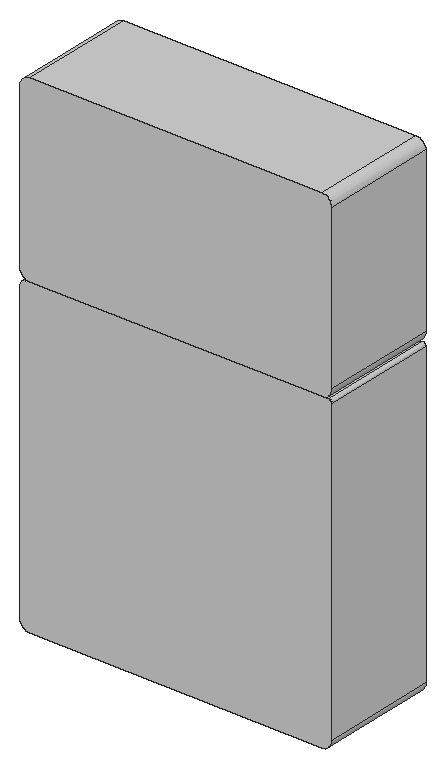
Revit family "Building-IEC309Boards-GEWISS-68QDIN-DISTRIBUTION-BOARD-14MOD_3SOCKET-OUTLETS_IB_VERT", category Attrezzatura elettrica, host Muro, Revit 2016
Family settings
  Host = Muro
  Configurazione quadro = Due colonne, circuiti in orizzontale
  Tipo di parte = Pannello comandi
  Quota connettore circolare = Usa diametro
  Numero OmniClass = 23.80.30.11.17
  Titolo OmniClass = Distribution Boards and Control Panels
  Sempre verticale = Sì
  Taglio con vuoti quando caricato = No
  Condiviso = No
  Punto di calcolo locali = No
Parameters (values of type "GW68010N - Q-DIN 14M 3 FLANGES S.O.BL.VR.SBF IP65")
  potenza = 400 V
  Working temperature = "-25 ÷ +40 °C"
  Voltaggio = "400V"
  Vista di pianta [instance] = yes
  Vetro = GEWISS - vetro
  Version type = "Empty"
  Version file RFA = "18.0"
  URL = "https://www.gewiss.com/ww/en"
  Thermo-pressure with ball = "70 °C"
  Technical sheet = "https://www.gewiss.com/ww/en/search?q=GW68010N"
  Struttura = GEWISS - Grigio RAL - 7035
  Simbolo Acceso [instance] = yes
  Shock resistance = "IK08"
  SEO = "Board"
  Realized by GEWISS S.p.A. = ""
  Produttore = "GEWISS S.p.A."
  Presa = GEWISS - Grigio RAL - 7035
  Operating temperature: = "-25 +40 °C"
  Offset etichetta nome quadro [instance] = 125 mm
  Numero di poli = 3
  Panel Name [instance] = "NOME"
  No. of provided blank lids = "1 IB 16/32A"
  No. of modules EN 50022 = "14"
  No. of blank lids supplied = "1 IB 16/32A"
  No. IB socket-outlets houseable = "3 IB Vert. 16/32A IP67"
  Modello = "GW68010N"
  Lunghezza = 320 mm
  Insulation class = "II"
  Installation type = "Surface-mounting"
  Immagine tipo = GW68010N.jpg
  IP degree = "IP65"
  IFC.TypeObject = ""
  IFC.ExportType = ""
  IFC.ExportAs = ""
  IDT = "b7fa234f-6082-4e77-ab12-b88f512de078"
  IDF = "a79db918-e74e-4eae-8f25-ec0c9aa4b606"
  Houseable socket = "3 IB Vert. 16/32A IP67"
  Houseable interloc. socket. = "3 IB Vert. 16/32A IP67"
  H_da terra = 1200 mm
  Glow Wire Test = "650°C"
  Electrocod = "2242"
  ETICHETTA NOME QUADRO [instance] = yes
  EAN code = "8011564744813"
  Distanza orizzontale del simbolo [instance] = 0 mm
  Distanza dal muro [instance] = 0 mm
  Dispersible power B (W) = "64"
  Dispersible power A (W) = "24"
  Descrizione = "Q-DIN 14M 3 FLANGES S.O.BL.VR.SBF IP65"
  Colour = "Grey RAL 7035"
  Classificazione carico = Altro
  Catalogue Range = "68 QDIN"
  Catalogue = "BUILDING"
  Carico apparente = 0 VA
  Cornice simbolo [instance] = no
  COBie.Tagnumber = ""
  COBie.CreatedOn = ""
  COBie.CreatebBy = ""
  COBie.ComponentRegisterItemID = ""
  COBie.Component.TagNumber = ""
  COBie.Component.Space = ""
  COBie.Component.SerialNumber = ""
  COBie.Component.InstallationDate = ""
  COBie.Component.Description = ""
  COBie.Component.BarCode = ""
  Altezza = 510 mm
  Accordance with Standards = "EN 60208 - EN 60670-1 - IEC 60670-24"
Reference planes
  plane 1 "Muro": y = 0
  plane 2 "Centro (Sinistra/Destra)": x = 125
  plane 3 "Indietro": y = 75
  plane 4: z = 1200
  plane 5: x = 125
  plane 6: y = 200
Lines and regions (mm)
  Masking region 1, visible <- "Vista di pianta"
    outline origin (0, 0, 0) x (1, 0, 0) y (0, 1, 0)
      loop
        line (-35, 175) -> (-35, 75) -> (285, 75) -> (285, 175) -> (-35, 175)
  Masking region 2
    outline origin (125, 0, 0) x (0, 1, 0) y (0, 0, 1)
      loop
        line (175, 1523) -> (175, 1710) -> (75, 1710) -> (75, 1523) -> (175, 1523)
  Masking region 3
    outline origin (125, 0, 0) x (0, 1, 0) y (0, 0, 1)
      loop
        line (75, 1200) -> (195, 1200) -> (195, 1523) -> (75, 1523) -> (75, 1200)
Text (mm)
  text "Lato posizionamento" at (-1848.837, 1116.779, 0), in view "Livello rif."
  text "Lato posizionamento" at (0, 1409.804, 2854.306), in view "Sinistra"
  text "Lato posizionamento" at (0, 499.811, 2980.732), in view "Destra"
Dimensions and locks
  locked: plane 3 "Indietro" to host wall
  "H_da terra": level to plane 4
  "Offset etichetta nome quadro": host wall to plane 6
  "Distanza orizzontale del simbolo": plane 5 to plane 2 "Centro (Sinistra/Destra)"
  aligned and locked: plane 1 "Muro" to host wall
  aligned and locked: nested 1 to plane 3 "Indietro"
  aligned and locked: plane 3 "Indietro" to nested 1
  aligned and locked: nested 2 to plane 6
  aligned and locked: plane 5 to nested 3
  aligned and locked: Masking region 2 sketch curve to host wall
  aligned and locked: Masking region 3 sketch curve to nested 1  (x3)
  aligned and locked: plane 4 to nested 4
  aligned and locked: plane 4 to nested 1
  aligned and locked: plane 2 "Centro (Sinistra/Destra)" to nested 4
  aligned and locked: Masking region 2 sketch curve to nested 1  (x2)
Automatic sketch dimensions
  Masking region 1 sketch curve to host wall = 0 mm
  Masking region 1 sketch curve to plane 2 "Centro (Sinistra/Destra)" = 160 mm
  plane 2 "Centro (Sinistra/Destra)" to Masking region 1 sketch curve = 160 mm
  host wall to Masking region 1 sketch curve = 100 mm
  host wall to Masking region 2 sketch curve = 100 mm
  Masking region 3 sketch curve to host wall = 0 mm
Nested families
  nested 1: "QDIN14 QUADRO X 3 PRESE IND_BASE" at (125, 75, 613.117) x (-1, 0, 0) z (0, 0, 1), type "QDIN14 QUADRO X 3 PRESE IND"
    with H2 220 mm, H1 173 mm, Altezza 510 mm
  nested 2: "NOME QUADRO" at (125, 200, 0), TXT <- "Panel Name", visible <- "ETICHETTA NOME QUADRO", type "NOME QUADRO"
    with TXT "NOME"
  nested 3: "CENTRALINO" at (125, 116.895, 0), BORDO ACCESO <- "Cornice simbolo", SIMBOLO ACCESO <- "Simbolo Acceso", Distanza dal muro <- "Distanza dal muro", type "CENTRALINO"
    with SIMBOLO ACCESO yes, Distanza dal muro 0 mm, BORDO ACCESO no
  nested 4: "2D - QDIN14 QUADRO DISTRIB X3 PRESE IND VERT" at (125, 0, 1200) x (-1, 0, 0) z (0, -1, 0), type "BIDIMENSIONALE"
Connectors
  electrical at (125, 135, 1200), driven by "Classificazione carico", driven by "potenza", driven by "Carico apparente", driven by "Numero di poli"
    settings: on nested 1, index 1, voltage 400 V, apparent load 0 VA, apparent load phase1 0 VA, apparent load phase2 0 VA, apparent load phase3 0 VA, power factor 1, load classification "Altro", number of poles 3, system type 31, power factor state 1, is connector primary yes, connector utility no, sub classification motor no, connector description ""
Definition of nested family "QDIN14 QUADRO X 3 PRESE IND_BASE"
  Parameters (values of type "QDIN14 QUADRO X 3 PRESE IND_BASE")
    Vetro = none
    Struttura = none
    Spessore = 120 mm
    Default Elevation = 14 mm
    Presa = none
    Lunghezza = 320 mm
    IFC.TypeObject = ""
    IFC.ExportType = ""
    IFC.ExportAs = ""
    H_da terra = 586.883 mm
    H1 [instance] = 173 mm
    H2 [instance] = 94.981 mm
    COBie.CreatedOn = ""
    COBie.CreatebBy = ""
    COBie.ComponentRegisterItemID = ""
    COBie.Component.TagNumber = ""
    COBie.Component.Space = ""
    COBie.Component.SerialNumber = ""
    COBie.Component.InstallationDate = ""
    COBie.Component.Description = ""
    COBie.Component.BarCode = ""
    Altezza [instance] = 360 mm
  Types (3, lengths in mm): name | H_da terra
    QDIN14 QUADRO X 3 PRESE IND_BASE | 586.883
    QDIN10 QUADRO 2 PRESE  VERT | 500
    QDIN14 QUADRO X 3 PRESE IND | 586.883
  Reference planes
    plane 1 "Centro (Fronte/Retro)": y = 0
    plane 2: z = 0
    plane 3 "Centro (Sinistra/Destra)": x = 0
    plane 4 "s": y = -100
    plane 5: z = 586.883
    plane 6: z = 946.883
    plane 7: x = -160
    plane 8: x = 160
    plane 9: z = 759.883
    plane 10: y = -80.196
    plane 11: x = -157.597
    plane 12: x = 157.589
    plane 13: z = 789.383
    plane 14: z = 908.347
    plane 15: y = -46.089
    plane 16: y = -87.126
    plane 17: z = 728.606
    plane 18: z = 633.624
    plane 19: x = -143
    plane 20: x = -63
    plane 21: x = -41
    plane 22: x = 44
    plane 23: x = 143
    plane 24: x = 63
  Forms (mm)
    Extrusion 1, solid, material <- "Struttura"
      sketch origin (0, 0, 0) x (1, 0, 0) y (0, 0, 1)
        loop
          arc (-150, 946.883) -> (-157.071, 943.954) -> (-160, 936.883) r 10
          line (-160, 936.883) -> (-160, 769.883)
          arc (-160, 769.883) -> (-157.071, 762.812) -> (-150, 759.883) r 10
          line (-150, 759.883) -> (150, 759.883)
          arc (150, 759.883) -> (157.071, 762.812) -> (160, 769.883) r 10
          line (160, 769.883) -> (160, 936.883)
          arc (160, 936.883) -> (157.071, 943.954) -> (150, 946.883) r 10
          line (150, 946.883) -> (-150, 946.883)
      from 0 to 120
    Extrusion 2, solid, material <- "Struttura"
      sketch origin (0, 0, 0) x (1, 0, 0) y (0, 0, 1)
        loop
          line (152.45, 759.883) -> (-156.38, 759.883)
          arc (-156.38, 759.883) -> (-158.94, 758.823) -> (-160, 756.263) r 3.62
          line (-160, 756.263) -> (-160, 596.883)
          arc (-160, 596.883) -> (-157.071, 589.812) -> (-150, 586.883) r 10
          line (-150, 586.883) -> (150, 586.883)
          arc (150, 586.883) -> (157.071, 589.812) -> (160, 596.883) r 10
          line (160, 596.883) -> (160, 752.333)
          arc (160, 752.333) -> (157.789, 757.672) -> (152.45, 759.883) r 7.55
      from 0 to 120
    Extrusion 3, void
      sketch origin (0, 0, 0) x (1, 0, 0) y (0, 0, 1)
        loop
          line (-157.597, 908.347) -> (-157.597, 789.383) -> (157.589, 789.383) -> (157.589, 908.347) -> (-157.597, 908.347)
      from 46.089 to 120
    Extrusion 4, solid, material <- "Vetro", detail levels fine
      sketch origin (0, 0, 0) x (1, 0, 0) y (0, 0, 1)
        loop
          line (-157.597, 908.347) -> (-157.597, 789.383) -> (157.589, 789.383) -> (157.589, 908.347) -> (-157.597, 908.347)
      from 87.126 to 120.5
    Extrusion 5, solid, material <- "Struttura", detail levels fine
      sketch origin (0, 0, 0) x (1, 0, 0) y (0, 0, 1)
        loop
          line (-143, 633.624) -> (-63, 633.624) -> (-63, 728.606) -> (-143, 728.606) -> (-143, 633.624)
        loop
          line (-41, 633.624) -> (44, 633.624) -> (44, 728.606) -> (-41, 728.606) -> (-41, 633.624)
        loop
          line (143, 728.606) -> (63, 728.606) -> (63, 633.624) -> (143, 633.624) -> (143, 728.606)
      from 119 to 122
  Cuts and joins
    Extrusion 3 cuts Extrusion 1
  Dimensions and locks
    plane 4 "s" to plane 1 "Centro (Fronte/Retro)" = 100 mm  (x2)
    "H_da terra": plane 5 to level
    equal spacing: plane 7, plane 3 "Centro (Sinistra/Destra)", plane 8
    "Lunghezza": plane 7 to plane 8
    locked: plane 4 "s" to plane 10 at 19.804
    locked: plane 6 to plane 14 at 38.537
    locked: plane 13 to plane 9 at 29.5
    locked: plane 7 to plane 11 at 2.403
    locked: plane 12 to plane 8 at 2.411
    locked: plane 4 "s" to plane 15 at 53.911
    locked: plane 4 "s" to plane 16 at 12.874
    "Altezza": plane 6 to plane 5
    locked: plane 14 to plane 13 at 118.963
    locked: plane 19 to plane 7 at 17
    locked: plane 23 to plane 8 at 17
    plane 20 to plane 19 = 80 mm
    plane 22 to plane 21 = 85 mm
    plane 23 to plane 24 = 80 mm
    plane 21 to plane 20 = 22 mm
    "H2": plane 17 to plane 18
    locked: plane 18 to plane 5 at 46.741
    aligned and locked: level to plane 2
    aligned and locked: Extrusion 1 sketch curve to plane 6
    aligned and locked: Extrusion 1 sketch curve to plane 8
    aligned and locked: Extrusion 1 sketch curve to plane 7
    aligned and locked: plane 9 to Extrusion 1 sketch curve
    aligned and locked: Extrusion 2 sketch curve to plane 9
    aligned and locked: Extrusion 2 sketch curve to plane 8
    aligned and locked: Extrusion 2 sketch curve to plane 7
    aligned and locked: Extrusion 2 sketch curve to plane 5
    aligned and locked: Extrusion 3 sketch curve to plane 14
    aligned and locked: Extrusion 3 sketch curve to plane 12
    aligned and locked: Extrusion 3 sketch curve to plane 11
    aligned and locked: Extrusion 3 sketch curve to plane 13
    aligned and locked: plane 15 to cut or joined group of Extrusion 1, Extrusion 3
    aligned and locked: Extrusion 4 sketch curve to plane 14
    aligned and locked: Extrusion 4 sketch curve to plane 12
    aligned and locked: Extrusion 4 sketch curve to plane 13
    aligned and locked: Extrusion 4 sketch curve to plane 11
    aligned and locked: plane 16 to Extrusion 4
    aligned and locked: plane 18 to Extrusion 5 sketch curve  (x2)
    aligned and locked: Extrusion 5 sketch curve to plane 19
    aligned and locked: Extrusion 5 sketch curve to plane 17  (x3)
    aligned and locked: plane 20 to Extrusion 5 sketch curve
    aligned and locked: Extrusion 5 sketch curve to plane 21
    aligned and locked: plane 22 to Extrusion 5 sketch curve
    aligned and locked: plane 23 to Extrusion 5 sketch curve
    aligned and locked: Extrusion 5 sketch curve to plane 24
  Automatic sketch dimensions
    Extrusion 1 sketch curve to Extrusion 1 sketch curve = 10 mm  (x2)
    Extrusion 1 sketch curve to plane 7 = 10 mm
    plane 8 to Extrusion 1 sketch curve = 10 mm
    Extrusion 2 sketch curve to Extrusion 2 sketch curve = 3.62 mm
    Extrusion 2 sketch curve to plane 7 = 10 mm
    Extrusion 2 sketch curve to Extrusion 2 sketch curve = 10 mm
    plane 8 to Extrusion 2 sketch curve = 7.55 mm
    Extrusion 5 sketch curve to plane 18 = 0 mm
Definition of nested family "NOME QUADRO"
  Parameters (values of type "NOME QUADRO")
    TXT [instance] = ""
  Reference planes
    plane 1: y = 0
    plane 2: x = 0
  Text (mm)
    label "NOME QUADRO" at (0.217, 0.029, 0), shows "TXT"
Definition of nested family "CENTRALINO"
  Parameters (values of type "CENTRALINO")
    SIMBOLO ACCESO [instance] = yes
    Distanza dal muro [instance] = 0 mm
    BORDO ACCESO [instance] = yes
  Reference planes
    plane 1: y = 0
    plane 2: x = 0
  Dimensions and locks
    "Distanza dal muro": plane 1 to nested 1
    aligned and locked: plane 2 to nested 1
  Nested families
    nested 1: "CENTRALINO_BASE" at (0, 0, 0), BORDO ACCESO <- "BORDO ACCESO", visible <- "SIMBOLO ACCESO", type "CENTRALINO"
      with BORDO ACCESO yes
  Definition of nested family "CENTRALINO_BASE"
    Parameters (values of type "CENTRALINO")
      Distanza dal muro = 0 mm
      BORDO ACCESO [instance] = yes
    Reference planes
      plane 1: y = 0
      plane 2: x = 0
    Lines and regions (mm)
      detail lines, visible <- "BORDO ACCESO", not visible
        curve 1: line (-2.443, 10.208, 0) -> (2.057, 10.208, 0)
        curve 2: line (2.057, 10.208, 0) -> (2.057, 4.208, 0)
        curve 3: line (2.057, 4.208, 0) -> (-2.443, 4.208, 0)
        curve 4: line (-2.443, 4.208, 0) -> (-2.443, 10.208, 0)
        curve 5: line (-2.043, 9.808, 0) -> (1.657, 9.808, 0)
        curve 6: line (1.657, 9.808, 0) -> (1.657, 4.608, 0)
        curve 7: line (1.657, 4.608, 0) -> (-2.043, 4.608, 0)
        curve 8: line (-2.043, 4.608, 0) -> (-2.043, 9.808, 0)
      detail lines
        curve 9: line (0, 0.905, 0) -> (0, 0.235, 0)
        curve 10: line (0.659, 0.905, 0) -> (0.659, 1.564, 0)
        curve 11: line (0.659, 1.564, 0) -> (-0.659, 1.564, 0)
        curve 12: line (-0.659, 1.564, 0) -> (-0.659, 0.905, 0)
        curve 13: line (-0.659, 0.905, 0) -> (0.659, 0.905, 0)
        curve 14: line (0.497, 1.564, 0) -> (0.497, 2.235, 0)
        curve 15: line (0.167, 1.564, 0) -> (0.167, 2.235, 0)
        curve 16: line (-0.162, 1.564, 0) -> (-0.162, 2.235, 0)
        curve 17: line (-0.491, 1.564, 0) -> (-0.491, 2.235, 0)
Definition of nested family "2D - QDIN14 QUADRO DISTRIB X3 PRESE IND VERT"
  Reference planes
    plane 1 "Centro (Fronte/Retro)": y = 0
    plane 2: z = 0
    plane 3 "Centro (Sinistra/Destra)": x = 0
  Lines and regions (mm)
    model lines, in view "Livello rif."
      curve 1: arc (7.409, 323.081, 0) -> (0, 340.917, 0) -> (-7.373, 323.067, 0) r 10.452
      curve 2: arc (-144, 510, 0) -> (-152.842, 507.335, 0) -> (-158.738, 500.228, 0) r 16
      curve 3: arc (158.738, 500.228, 0) -> (152.842, 507.335, 0) -> (144, 510, 0) r 16
      curve 4: arc (-54.177, 349.194, 0) -> (-55.145, 348.27, 0) -> (-55.5, 346.979, 0) r 2.509
      curve 5: arc (-35, 353.996, 0) -> (-44.884, 352.778, 0) -> (-54.177, 349.194, 0) r 40.677
      curve 6: arc (54.177, 349.194, 0) -> (44.884, 352.778, 0) -> (35, 353.996, 0) r 40.677
      curve 7: arc (55.5, 346.979, 0) -> (55.145, 348.27, 0) -> (54.177, 349.194, 0) r 2.509
      curve 8: arc (6.285, 322.191, 0) -> (6.876, 322.606, 0) -> (7.415, 323.087, 0) r 6.2
      curve 9: arc (-7.389, 323.087, 0) -> (-6.85, 322.606, 0) -> (-6.259, 322.191, 0) r 6.2
      curve 10: arc (144, 0, 0) -> (155.314, 4.686, 0) -> (160, 16, 0) r 16
      curve 11: arc (-160, 16, 0) -> (-155.314, 4.686, 0) -> (-144, 0, 0) r 16
      curve 12: arc (-158.738, 500.228, 0) -> (-159.681, 497.177, 0) -> (-160, 494, 0) r 16
      curve 13: arc (160, 494, 0) -> (159.681, 497.177, 0) -> (158.738, 500.228, 0) r 16
      curve 14: line (-144, 0, 0) -> (144, 0, 0)
      curve 15: line (160, 16, 0) -> (160, 22.228, 0)
      curve 16: line (160, 494, 0) -> (159.945, 487.827, 0)
      curve 17: line (160, 487.772, 0) -> (160, 16, 0)
      curve 18: line (-160, 22.228, 0) -> (-160, 278.772, 0)
      curve 19: line (-144, 510, 0) -> (144, 510, 0)
      curve 20: line (-35, 353.996, 0) -> (35, 353.996, 0)
      curve 21: line (141.8, 440.164, 0) -> (-141.8, 440.164, 0)
      curve 22: line (-55.5, 334.487, 0) -> (-55.5, 346.979, 0)
      curve 23: line (-141.8, 320.157, 0) -> (-141.8, 440.164, 0)
      curve 24: line (55.5, 334.471, 0) -> (55.5, 346.979, 0)
      curve 25: line (141.8, 440.164, 0) -> (141.8, 320.157, 0)
      curve 26: line (-141.8, 342.498, 0) -> (141.8, 342.498, 0)
      curve 27: line (-141.8, 320.157, 0) -> (141.8, 320.157, 0)
      curve 28: line (-10.187, 328.173, 0) -> (-34.987, 328.173, 0)
      curve 29: line (35.013, 328.173, 0) -> (10.208, 328.173, 0)
      curve 30: line (-144, 0, 0) -> (144, 0, 0)
      curve 31: line (-160, 494, 0) -> (-160, 16, 0)
      curve 32: line (-126, 417.5, 0) -> (126, 417.5, 0)
      curve 33: line (126, 417.5, 0) -> (126, 372.5, 0)
      curve 34: line (126, 372.5, 0) -> (-126, 372.5, 0)
      curve 35: line (-126, 372.5, 0) -> (-126, 417.5, 0)
      curve 36: line (-160, 291.228, 0) -> (-160, 487.772, 0)
      curve 37: line (6.285, 322.191, 0) -> (5.677, 321.891, 0)
      curve 38: line (5.677, 321.891, 0) -> (5.039, 321.656, 0)
      curve 39: line (5.039, 321.656, 0) -> (4.38, 321.487, 0)
      curve 40: line (4.38, 321.487, 0) -> (3.707, 321.385, 0)
      curve 41: line (3.707, 321.385, 0) -> (3.023, 321.351, 0)
      curve 42: line (3.023, 321.351, 0) -> (-2.998, 321.351, 0)
      curve 43: line (-2.998, 321.351, 0) -> (-3.596, 321.377, 0)
      curve 44: line (-3.596, 321.377, 0) -> (-4.188, 321.455, 0)
      curve 45: line (-4.188, 321.455, 0) -> (-4.77, 321.585, 0)
      curve 46: line (-4.77, 321.585, 0) -> (-5.338, 321.766, 0)
      curve 47: line (-5.338, 321.766, 0) -> (-5.807, 321.96, 0)
      curve 48: line (-5.807, 321.96, 0) -> (-6.259, 322.191, 0)
      curve 49: line (55.5, 334.471, 0) -> (53.046, 333.012, 0)
      curve 50: line (53.046, 333.012, 0) -> (51.897, 332.382, 0)
      curve 51: line (51.897, 332.382, 0) -> (50.563, 331.715, 0)
      curve 52: line (50.563, 331.715, 0) -> (49.2, 331.1, 0)
      curve 53: line (49.2, 331.1, 0) -> (47.811, 330.539, 0)
      curve 54: line (47.811, 330.539, 0) -> (46.749, 330.155, 0)
      curve 55: line (46.749, 330.155, 0) -> (45.678, 329.803, 0)
      curve 56: line (45.678, 329.803, 0) -> (44.603, 329.487, 0)
      curve 57: line (44.603, 329.487, 0) -> (43.252, 329.14, 0)
      curve 58: line (43.252, 329.14, 0) -> (41.889, 328.845, 0)
      curve 59: line (41.889, 328.845, 0) -> (40.515, 328.602, 0)
      curve 60: line (40.515, 328.602, 0) -> (39.131, 328.413, 0)
      curve 61: line (39.131, 328.413, 0) -> (37.76, 328.28, 0)
      curve 62: line (37.76, 328.28, 0) -> (36.385, 328.199, 0)
      curve 63: line (36.385, 328.199, 0) -> (35.013, 328.173, 0)
      curve 64: line (-55.5, 334.487, 0) -> (-53.02, 333.012, 0)
      curve 65: line (-53.02, 333.012, 0) -> (-51.872, 332.382, 0)
      curve 66: line (-51.872, 332.382, 0) -> (-50.538, 331.715, 0)
      curve 67: line (-50.538, 331.715, 0) -> (-49.174, 331.1, 0)
      curve 68: line (-49.174, 331.1, 0) -> (-47.785, 330.539, 0)
      curve 69: line (-47.785, 330.539, 0) -> (-46.723, 330.155, 0)
      curve 70: line (-46.723, 330.155, 0) -> (-45.652, 329.803, 0)
      curve 71: line (-45.652, 329.803, 0) -> (-44.577, 329.487, 0)
      curve 72: line (-44.577, 329.487, 0) -> (-43.226, 329.14, 0)
      curve 73: line (-43.226, 329.14, 0) -> (-41.864, 328.845, 0)
      curve 74: line (-41.864, 328.845, 0) -> (-40.489, 328.602, 0)
      curve 75: line (-40.489, 328.602, 0) -> (-39.105, 328.413, 0)
      curve 76: line (-39.105, 328.413, 0) -> (-37.734, 328.28, 0)
      curve 77: line (-37.734, 328.28, 0) -> (-36.36, 328.199, 0)
      curve 78: line (-36.36, 328.199, 0) -> (-34.987, 328.173, 0)
